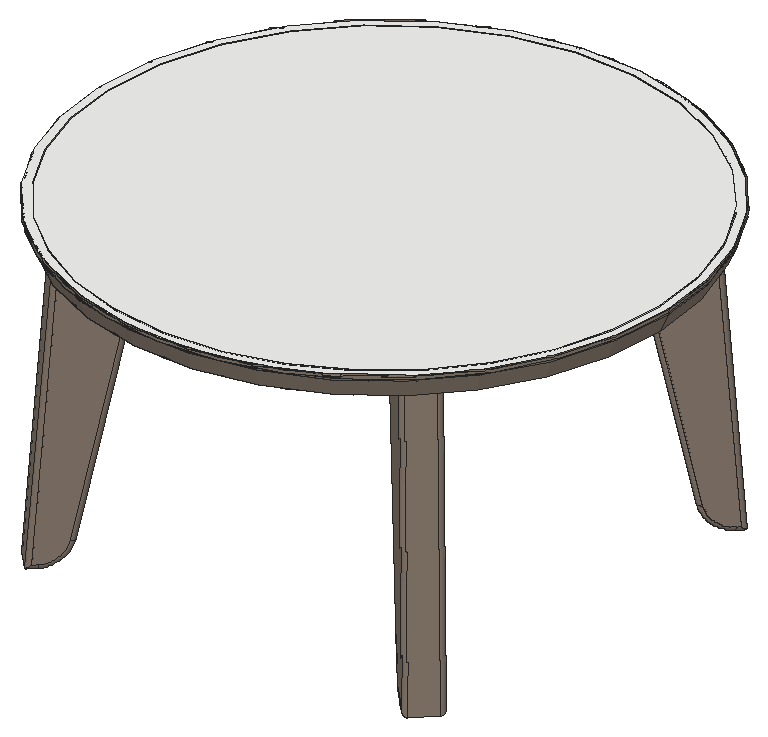
Revit family "Table-Casual-Naughtone-Dalby_DIA_Coffee2", category Furniture, Revit 2015
Parameters (values of type "650mmx650mmx350mm")
  _distributed by = "www.bimbox.co.uk"  # constant formula
  _current revision = "1"
  _created by = "BIMBox"  # constant formula
  _author = "BIMBox"  # constant formula
  _BIMspec_GUID = 0
  WarrantyStartDate [instance] = "<User Defined>"
  WarrantyGuarantorParts = "sales@naughtone.com"
  WarrantyGuarantorLabor = "sales@naughtone.com"
  WarrantyDurationUnit = "Years"
  WarrantyDurationParts = "5"
  WarrantyDurationLabor = "5"
  WarrantyDescription = "5 year warranty"
  Version = "1"
  Uniclass2015 = "40.50.21.14"
  URL = "http://www.naughtone.com/"
  TypeName = "Table-Casual-Naughtone-Dalby_DIA_Coffee"
  Type Comments = "650x650x350"
  TopRadius [instance] = ((NominalWidth / 2) - (EdgeOffset))  # 315 mm
  TagNumber = "0.000000"
  SustainabilityPerformance = "89.64% reusable content"
  Size = "650mmx650mmx350mm"
  Shape = "Circular"
  SerialNumber = "0.000000"
  ReplacementCost = "0.00"
  ProductInformation = "http://www.naughtone.com/wp-content/uploads/2015/05/Dalby-Brochure-FISP-2015.pdf?49171d"
  Product URL = "http://www.naughtone.com/portfolio-view/dalby"
  Option [instance] = if(HasReverseChamfer, "MFMDF with reverse chamfer", if(HasBandEdge, "MFMDF edge banded", "n/a"))  # "MFMDF with reverse chamfer"
  NominalWidth = 650 mm
  NominalLength = NominalWidth  # 650 mm
  NominalHeight = 350 mm  # constant formula
  Name = "650mmx650mmx350mm, Dalby Circular Coffee Table"
  NBSReference = "40.50.21.14"
  NBSDescription = "n/a"
  Mtrl_Top [instance] = Laminate-White-Smooth
  Mtrl_Frame [instance] = Wood-Oak-Satin_Frame
  Mtrl_EdgeTop [instance] = Wood-Oak-Matte_Top
  ModelReference = "Dalby Circular Coffee Table"
  ModelNumber = "DAL-650-DIA-LO"
  Model = "DAL-650-DIA-LO"
  Material = "MFMDF Top; Solid Oak Legs"
  ManufacturerAddressUK = "201 Pannal Business Park, Station Road, Harrogate, HG3 1JL"  # constant formula
  Manufacturer = "Naughtone"  # constant formula
  Keynote = "40.50.21.14"
  InstallationDate [instance] = "<User Defined>"
  HasReverseChamfer [instance] = yes
  HasBandEdge [instance] = not(HasReverseChamfer)  # no
  Grade = "n/a"
  Finish = "Polyster powder coat; various top finishes available"
  Features = "n/a"
  ExpectedLife = "15-20"
  EdgeOffset [instance] = if(HasReverseChamfer, 10 mm, 5 mm)  # 10 mm
  DurationUnit = "Years"
  Description = "Dalby Circular Coffee Table"
  CreatedOn = "2015.07.15"
  CreatedBy = "Naughtone"  # constant formula
  Cost = 0
  ContactTelephoneNumber = "+44 (0) 1423 816500"
  ContactEmailAddress = "sales@naughtone.com"
  Constituents = "Wood Top; Solid Oak frame"
  ComponentDescription = "The Dalby table will inject warmth and quality into an interior without raising any eyebrows. Dalby provides a practical, robust surface and maximised leg positions for clear, useable access all round the table."
  Color = "White"
  CodePerformance = "FISP Certified; ISO14001 Certified"
  Category = "40.50.21.14 : Coffee Tables"
  BarCode = "0.000000"
  BIMObjectName = "Table-Casual-Naughtone-Dalby_DIA_Coffee"
  AssetType = "Movable"
  AssetIdentifier = "DAL-650-DIA-LO"
  Assembly Code = "E2020"
  AdditionalMaterials = "Additional material and finish options available. Please contact Naughtone direct for further information."
  AccessibilityPerformance = "n/a"
Types (3, lengths in mm): name | Type Comments | TopRadius | NominalWidth | NominalLength | ModelNumber | Model | AssetIdentifier
  (no name) | "650x650x350" | 315 | 650 | 650 | "DAL-650-DIA-LO" | "DAL-650-DIA-LO" | "DAL-650-DIA-LO"
  650mmx650mmx350mm | "650x650x350" | 315 | 650 | 650 | "DAL-650-DIA-LO" | "DAL-650-DIA-LO" | "DAL-650-DIA-LO"
  850mmx850mmx350mm | "850x850x350" | 415 | 850 | 850 | "DAL-850-DIA-LO" | "DAL-850-DIA-LO" | "DAL-850-DIA-LO"
Reference planes
  plane 1 "Center (Front/Back)": y = 0
  plane 2: z = 0
  plane 3 "Center (Left/Right)": x = 0
  plane 4 "Left": x = -325
  plane 5 "Right": x = 325
  plane 6 "Rear": y = 325
  plane 7 "Front": y = -325
  plane 8 "Top": z = 350
  plane 9: x = -315
  plane 10: y = -315
  plane 11: y = 315
  plane 12: x = 315
  plane 13 "EdgeProfile": z = 325
  plane 14: y = -320
Forms (mm)
  Sweep 1, solid, material "Wood-Oak-Matte_Top" <- "Mtrl_EdgeTop", visible <- "HasReverseChamfer"
    path origin (0, 0, 325) x (-1, 0, 0) y (0, -1, 0)
      loop
        circle (0, 0) r 315
    profile origin (0, -315, 325) x (0, 1, 0) y (0, 0, 1)
      loop
        line (0, 25) -> (-9.5, 25)
        arc (-9.5, 25) -> (-9.854, 24.854) -> (-10, 24.5) r 0.5
        line (-10, 24.5) -> (-10, 21.379)
        arc (-10, 21.379) -> (-9.925, 20.513) -> (-9.701, 19.674) r 5
        line (-9.701, 19.674) -> (-1.167, 0) -> (0, 0) -> (0, 25)
  Sweep 2, solid, material "Wood-Oak-Matte_Top" <- "Mtrl_EdgeTop", visible <- "HasBandEdge"
    path origin (0, 0, 325) x (-1, 0, 0) y (0, -1, 0)
      loop
        circle (0, 0) r 315
    profile origin (0, -315, 325) x (0, 1, 0) y (0, 0, 1)
      loop
        line (-5, 20) -> (-5, 5)
        arc (-5, 5) -> (-3.536, 1.464) -> (0, 0) r 5
        line (0, 0) -> (0, 25)
        arc (0, 25) -> (-3.536, 23.536) -> (-5, 20) r 5
  Extrusion 3, solid, material "Laminate-White-Smooth" <- "Mtrl_Top"
    sketch origin (0, 0, 325) x (-1, 0, 0) y (0, -1, 0)
      loop
        circle (0, 0) r 315
    from 0 to 25
Dimensions and locks
  equal spacing: plane 4 "Left", plane 3 "Center (Left/Right)", plane 5 "Right"
  "NominalWidth": plane 4 "Left" to plane 5 "Right"
  equal spacing: plane 6 "Rear", plane 1 "Center (Front/Back)", plane 7 "Front"
  "NominalLength": plane 6 "Rear" to plane 7 "Front"
  "NominalHeight": plane 8 "Top" to level
  "EdgeOffset": plane 4 "Left" to plane 9
  "EdgeOffset": plane 12 to plane 5 "Right"
  "EdgeOffset": plane 6 "Rear" to plane 11
  "EdgeOffset": plane 10 to plane 7 "Front"
  locked: plane 8 "Top" to plane 13 "EdgeProfile" at 25
  locked: plane 14 to plane 10 at 5
  "TopRadius": radius of Extrusion 3 sketch curve
  "TopRadius": radius of Sweep 1 sketch curve
  "TopRadius": radius of Sweep 2 sketch curve
  aligned and locked: level to plane 2
  aligned and locked: plane 8 "Top" to Sweep 1 sketch curve
  aligned and locked: plane 13 "EdgeProfile" to Sweep 1 sketch curve
  aligned and locked: plane 10 to Sweep 2 sketch curve
  aligned and locked: plane 14 to Sweep 2 sketch curve
  aligned and locked: plane 8 "Top" to Extrusion 3
  aligned and locked: Extrusion 3 to plane 13 "EdgeProfile"
  aligned and locked: plane 1 "Center (Front/Back)" to Extrusion 3 sketch curve
  aligned and locked: plane 3 "Center (Left/Right)" to Extrusion 3 sketch curve
  aligned and locked: plane 1 "Center (Front/Back)" to Sweep 1 sketch curve
  aligned and locked: plane 3 "Center (Left/Right)" to Sweep 1 sketch curve
  aligned and locked: plane 3 "Center (Left/Right)" to Sweep 2 sketch curve
  aligned and locked: plane 1 "Center (Front/Back)" to Sweep 2 sketch curve
  aligned and locked: plane 3 "Center (Left/Right)" to nested 1
  aligned and locked: plane 1 "Center (Front/Back)" to nested 1
Automatic sketch dimensions
  Sweep 2 sketch curve to profile plane = 0 mm
  Sweep 2 sketch curve to plane 13 "EdgeProfile" = 0 mm
  Sweep 2 sketch curve to Sweep 2 sketch curve = 15 mm
  Sweep 2 sketch curve to Sweep 2 sketch curve = 0 mm
  Sweep 1 sketch curve to Sweep 1 sketch curve = 0.299 mm
  Sweep 1 sketch curve to Sweep 1 sketch curve = 0.5 mm
  Sweep 1 sketch curve to Sweep 1 sketch curve = 5 mm
  Sweep 1 sketch curve to Sweep 1 sketch curve = 4.826 mm
  profile plane to Sweep 1 sketch curve = 1.167 mm
  Sweep 1 sketch curve to profile plane = 0 mm
  profile plane to Sweep 1 sketch curve = 5 mm
Nested families
  nested 1: "Nested-Frame-Naughtone-Dalby_Low_Circular" at (0, 0, 0), Mtrl_Frame <- "Mtrl_Frame", NominalWidth <- "NominalWidth", type "Dalby Frame"
    with NominalWidth 650 mm, NominalLength 650 mm, Mtrl_Frame Wood-Oak-Satin_Frame, HasRectangularTop no, HasCircularTop yes, FrameWidth 486 mm, FrameLength 486 mm
Definition of nested family "Nested-Frame-Naughtone-Dalby_Low_Circular"
  Parameters (values of type "Dalby Frame")
    _distributed by = "www.bimbox.co.uk"  # constant formula
    _current revision = "1"
    _created by = "BIMBox"  # constant formula
    _author = "BIMBox"  # constant formula
    URL = "http://www.naughtone.com/"
    Type Comments = ""
    NominalWidth [instance] = 850 mm
    NominalLength [instance] = NominalWidth  # 850 mm
    NominalHeight = 350 mm  # constant formula
    Mtrl_Frame [instance] = none
    Model = "Dalby Frame"
    ManufacturerAddressUK = "201 Pannal Business Park, Station Road, Harrogate, HG3 1JL"  # constant formula
    Manufacturer = "Naughtone"  # constant formula
    Keynote = ""
    HasRectangularTop [instance] = 1 > 2  # no
    HasCircularTop [instance] = not(HasRectangularTop)  # yes
    FrameWidth [instance] = if(and(HasCircularTop, NominalWidth = 850 mm), NominalWidth - (110 mm * 2), if(and(HasCircularTop, NominalWidth = 650 mm), NominalWidth - (82 mm * 2), NominalWidth))  # 630 mm
    FrameLength [instance] = if(and(HasCircularTop, NominalLength = 850 mm), NominalLength - (110 mm * 2), if(and(HasCircularTop, NominalLength = 650 mm), NominalLength - (82 mm * 2), NominalLength))  # 630 mm
    Description = "Dalby Frame"
    Cost = 0
    ContactTelephoneNumber = "+44 (0) 1423 816500"
    ContactEmailAddress = "sales@naughtone.com"
    Assembly Code = "E2020"
  Reference planes
    plane 1 "Center (Front/Back)": y = 0
    plane 2: z = 0
    plane 3 "Center (Left/Right)": x = 0
    plane 4 "Left": x = -315
    plane 5 "Right": x = 315
    plane 6 "Rear": y = 315
    plane 7 "Front": y = -315
    plane 8 "Top": z = 350
    plane 9 "EdgeProfile": z = 325
    plane 10: z = 250
    plane 11: z = 255.321
    plane 12: z = 5
    plane 13: z = 255.321
    plane 14: z = 249.22
    plane 15: z = 212.454
    plane 16: z = 202.235
    plane 17: z = 32.847
    plane 18: z = 5
    plane 19: z = 40
    plane 20: x = 300.858
    plane 21: y = -300.858
    plane 22: x = 212.47
    plane 23: x = 240.754
    plane 24: y = -212.47
    plane 25: y = -240.754
    plane 26: y = -226.612
    plane 27: x = 226.612
    plane 28: through (462.47, 9.246, 1200) normal (-0.7071, 0.7071, 0)
    plane 29: through (536.716, -65, 1200) normal (-0.7071, 0.7071, 0)
    plane 30: through (446.795, -147.845, 5) normal (0.7071, -0.7071, 0)
    plane 31: through (429.017, -130.066, 725) normal (-0.7071, 0.7071, 0)
    plane 32: through (442.518, -143.567, 35) normal (-0.7071, 0.7071, 0)
    plane 33: z = 35
    plane 34: z = 32.867
    plane 35: through (391.333, -92.382, 628.573) normal (-0.7071, 0.7071, 0)
    plane 36: z = 228.573
    plane 37: z = 254.63
    plane 38: through (370.173, -71.223, 626.44) normal (-0.7071, 0.7071, 0)
    plane 39: z = 226.44
    plane 40: through (377.429, -78.478, 654.63) normal (-0.7071, 0.7071, 0)
    plane 41: through (421.358, -122.407, 32.867) normal (-0.7071, 0.7071, 0)
    plane 42: y = 300.858
    plane 43: y = 212.47
    plane 44: y = 240.754
    plane 45: y = 226.612
    plane 46: through (462.47, -9.246, 1200) normal (0.7071, 0.7071, 0)
    plane 47: through (536.716, 65, 1200) normal (0.7071, 0.7071, 0)
    plane 48: through (446.795, 147.845, 5) normal (-0.7071, -0.7071, 0)
    plane 49: through (429.017, 130.066, 725) normal (0.7071, 0.7071, 0)
    plane 50: through (442.518, 143.567, 35) normal (0.7071, 0.7071, 0)
    plane 51: through (391.333, 92.382, 628.573) normal (0.7071, 0.7071, 0)
    plane 52: through (370.173, 71.223, 626.44) normal (0.7071, 0.7071, 0)
    plane 53: through (377.429, 78.478, 654.63) normal (0.7071, 0.7071, 0)
    plane 54: through (421.358, 122.407, 32.867) normal (0.7071, 0.7071, 0)
    plane 55: x = -300.858
    plane 56: x = -212.47
    plane 57: x = -240.754
    plane 58: x = -226.612
    plane 59: through (-462.47, 9.246, 1200) normal (-0.7071, -0.7071, 0)
    plane 60: through (-536.716, -65, 1200) normal (-0.7071, -0.7071, 0)
    plane 61: through (-446.795, -147.845, 5) normal (0.7071, 0.7071, 0)
    plane 62: through (-429.017, -130.066, 725) normal (-0.7071, -0.7071, 0)
    plane 63: through (-442.518, -143.567, 35) normal (-0.7071, -0.7071, 0)
    plane 64: through (-391.333, -92.382, 628.573) normal (-0.7071, -0.7071, 0)
    plane 65: through (-370.173, -71.223, 626.44) normal (-0.7071, -0.7071, 0)
    plane 66: through (-377.429, -78.478, 654.63) normal (-0.7071, -0.7071, 0)
    plane 67: through (-421.358, -122.407, 32.867) normal (-0.7071, -0.7071, 0)
    plane 68: z = 5
    plane 69: z = 35
    plane 70: z = 32.867
    plane 71: z = 228.573
    plane 72: z = 254.63
    plane 73: z = 226.44
    plane 74: through (-462.47, -9.246, 1200) normal (0.7071, -0.7071, 0)
    plane 75: through (-536.716, 65, 1200) normal (0.7071, -0.7071, 0)
    plane 76: through (-446.795, 147.845, 5) normal (-0.7071, 0.7071, 0)
    plane 77: through (-429.017, 130.066, 725) normal (0.7071, -0.7071, 0)
    plane 78: through (-442.518, 143.567, 35) normal (0.7071, -0.7071, 0)
    plane 79: through (-391.333, 92.382, 628.573) normal (0.7071, -0.7071, 0)
    plane 80: through (-370.173, 71.223, 626.44) normal (0.7071, -0.7071, 0)
    plane 81: through (-377.429, 78.478, 654.63) normal (0.7071, -0.7071, 0)
    plane 82: through (-421.358, 122.407, 32.867) normal (0.7071, -0.7071, 0)
    plane 83: y = -280.754
    plane 84: x = -280.754
    plane 85: y = 280.754
    plane 86: x = 280.754
  Forms (mm)
    Sweep 1, solid, material <- "Mtrl_Frame"
      path origin (300.858, -300.858, 0) x (-0.707107, 0.707107, 0) y (0, 0, 1)
        loop
          line (30.146, 325) -> (5.003, 5) -> (11.046, 5)
          arc (11.046, 5) -> (31.259, 12.831) -> (40.919, 32.237) r 30
          line (40.919, 32.237) -> (105, 325)
      profile origin (295.184, -295.184, 5) x (0, 0, 1) y (0.707107, 0.707107, 0)
        loop
          arc (0, 20) -> (-3.536, 18.536) -> (-5, 15) r 5
          line (-5, 15) -> (-5, -15)
          arc (-5, -15) -> (-3.536, -18.536) -> (0, -20) r 5
          line (0, -20) -> (0, 20)
    Sweep 2, solid, material <- "Mtrl_Frame"
      path origin (300.858, 300.858, 0) x (-0.707107, -0.707107, 0) y (0, 0, 1)
        loop
          line (30.146, 325) -> (5.003, 5) -> (10.732, 5)
          arc (10.732, 5) -> (29.538, 11.626) -> (40.037, 28.578) r 30
          line (40.037, 28.578) -> (105, 325)
      profile origin (295.295, 295.295, 5) x (0, 0, 1) y (-0.707107, 0.707107, 0)
        loop
          line (0, -20) -> (0, 20)
          arc (0, 20) -> (-3.536, 18.536) -> (-5, 15) r 5
          line (-5, 15) -> (-5, -15)
          arc (-5, -15) -> (-3.536, -18.536) -> (0, -20) r 5
    Sweep 3, solid, material <- "Mtrl_Frame"
      path origin (-300.858, -300.858, 0) x (0.707107, 0.707107, 0) y (0, 0, 1)
        loop
          line (30.146, 325) -> (5.003, 5) -> (10.732, 5)
          arc (10.732, 5) -> (29.538, 11.626) -> (40.037, 28.578) r 30
          line (40.037, 28.578) -> (105, 325)
      profile origin (-295.295, -295.295, 5) x (0, 0, 1) y (0.707107, -0.707107, 0)
        loop
          line (0, -20) -> (0, 20)
          arc (0, 20) -> (-3.536, 18.536) -> (-5, 15) r 5
          line (-5, 15) -> (-5, -15)
          arc (-5, -15) -> (-3.536, -18.536) -> (0, -20) r 5
    Sweep 4, solid, material <- "Mtrl_Frame"
      path origin (-300.858, 300.858, 0) x (0.707107, -0.707107, 0) y (0, 0, 1)
        loop
          line (30.146, 325) -> (5.003, 5) -> (10.732, 5)
          arc (10.732, 5) -> (29.538, 11.626) -> (40.037, 28.578) r 30
          line (40.037, 28.578) -> (105, 325)
      profile origin (-295.295, 295.295, 5) x (0, 0, 1) y (-0.707107, -0.707107, 0)
        loop
          arc (0, 20) -> (-3.536, 18.536) -> (-5, 15) r 5
          line (-5, 15) -> (-5, -15)
          arc (-5, -15) -> (-3.536, -18.536) -> (0, -20) r 5
          line (0, -20) -> (0, 20)
    Extrusion 5, solid, material <- "Mtrl_Frame"
      sketch origin (300.858, -300.858, 0) x (-0.707107, 0.707107, 0) y (0, 0, 1)
        loop
          line (105, 325) -> (30.146, 325) -> (5.003, 5) -> (11.046, 5)
          arc (11.046, 5) -> (31.259, 12.831) -> (40.919, 32.237) r 30
          line (40.919, 32.237) -> (105, 325)
      from -20 to 20
    Extrusion 6, solid, material <- "Mtrl_Frame"
      sketch origin (300.858, 300.858, 0) x (-0.707107, -0.707107, 0) y (0, 0, 1)
        loop
          line (30.146, 325) -> (5.003, 5) -> (10.732, 5)
          arc (10.732, 5) -> (29.538, 11.626) -> (40.037, 28.578) r 30
          line (40.037, 28.578) -> (105, 325) -> (30.146, 325)
      from -20 to 20
    Extrusion 7, solid, material <- "Mtrl_Frame"
      sketch origin (-300.858, -300.858, 0) x (0.707107, 0.707107, 0) y (0, 0, 1)
        loop
          line (30.146, 325) -> (5.003, 5) -> (10.732, 5)
          arc (10.732, 5) -> (29.538, 11.626) -> (40.037, 28.578) r 30
          line (40.037, 28.578) -> (105, 325) -> (30.146, 325)
      from -20 to 20
    Extrusion 8, solid, material <- "Mtrl_Frame"
      sketch origin (-300.858, 300.858, 0) x (0.707107, -0.707107, 0) y (0, 0, 1)
        loop
          line (105, 325) -> (30.146, 325) -> (5.003, 5) -> (10.732, 5)
          arc (10.732, 5) -> (29.538, 11.626) -> (40.037, 28.578) r 30
          line (40.037, 28.578) -> (105, 325)
      from -20 to 20
  Cuts and joins
    joined: Sweep 1, Extrusion 5
    joined: Sweep 2, Extrusion 6
    joined: Sweep 3, Extrusion 7
    joined: Sweep 4, Extrusion 8
  Lines and regions (mm)
    reference lines
      curve 1: line (300.858, -300.858, 0) -> (226.612, -226.612, 0)
      curve 2: line (300.858, 300.858, 0) -> (226.612, 226.612, 0)
      curve 3: line (-300.858, -300.858, 0) -> (-226.612, -226.612, 0)
      curve 4: line (-300.858, 300.858, 0) -> (-226.612, 226.612, 0)
  Dimensions and locks
    equal spacing: plane 4 "Left", plane 3 "Center (Left/Right)", plane 5 "Right"
    "FrameWidth": plane 4 "Left" to plane 5 "Right"
    equal spacing: plane 6 "Rear", plane 1 "Center (Front/Back)", plane 7 "Front"
    "FrameLength": plane 6 "Rear" to plane 7 "Front"
    "NominalHeight": plane 8 "Top" to level
    locked: plane 8 "Top" to plane 9 "EdgeProfile" at 25
    locked: plane 9 "EdgeProfile" to plane 10 at 75
    locked: plane 11 to plane 10 at 5.321
    locked: plane 12 to level at 5
    locked: plane 13 to plane 10 at 5.321
    locked: plane 10 to plane 14 at 0.78
    locked: plane 10 to plane 15 at 37.546
    locked: plane 10 to plane 16 at 47.765
    locked: plane 18 to level at 5
    locked: plane 17 to level at 32.847
    locked: plane 19 to level at 40
    locked: plane 20 to plane 5 "Right" at 14.142
    locked: plane 21 to plane 7 "Front" at 14.142
    locked: plane 7 "Front" to plane 24 at 102.53
    locked: plane 26 to plane 7 "Front" at 88.388
    locked: plane 7 "Front" to plane 25 at 74.246
    locked: plane 23 to plane 5 "Right" at 74.246
    locked: plane 27 to plane 5 "Right" at 88.388
    locked: plane 22 to plane 5 "Right" at 102.53
    locked: plane 30 to plane 29 at 5.003
    locked: plane 28 to plane 31 at 74.854
    locked: plane 28 to plane 40 at 1.897
    locked: plane 28 to plane 35 at 21.561
    locked: plane 38 to plane 28 at 8.363
    locked: plane 36 to plane 10 at 21.427
    locked: plane 10 to plane 39 at 23.56
    locked: plane 10 to plane 37 at 4.63
    locked: plane 32 to plane 29 at 11.053
    locked: plane 41 to plane 29 at 40.977
    locked: level to plane 34 at 32.867
    locked: plane 33 to level at 35
    locked: plane 42 to plane 6 "Rear" at 14.142
    locked: plane 6 "Rear" to plane 43 at 102.53
    locked: plane 45 to plane 6 "Rear" at 88.388
    locked: plane 6 "Rear" to plane 44 at 74.246
    locked: plane 48 to plane 47 at 5.003
    locked: plane 46 to plane 49 at 74.854
    locked: plane 46 to plane 53 at 1.897
    locked: plane 46 to plane 51 at 21.561
    locked: plane 52 to plane 46 at 8.363
    locked: plane 50 to plane 47 at 11.053
    locked: plane 54 to plane 47 at 40.977
    locked: plane 55 to plane 4 "Left" at 14.142
    locked: plane 57 to plane 4 "Left" at 74.246
    locked: plane 58 to plane 4 "Left" at 88.388
    locked: plane 56 to plane 4 "Left" at 102.53
    locked: plane 61 to plane 60 at 5.003
    locked: plane 59 to plane 62 at 74.854
    locked: plane 59 to plane 66 at 1.897
    locked: plane 59 to plane 64 at 21.561
    locked: plane 65 to plane 59 at 8.363
    locked: plane 63 to plane 60 at 11.053
    locked: plane 67 to plane 60 at 40.977
    locked: plane 68 to level at 5
    locked: plane 71 to plane 10 at 21.427
    locked: plane 10 to plane 73 at 23.56
    locked: plane 10 to plane 72 at 4.63
    locked: level to plane 70 at 32.867
    locked: plane 69 to level at 35
    plane 42 to plane 6 "Rear" = 14.142 mm
    plane 6 "Rear" to plane 43 = 102.53 mm
    plane 45 to plane 6 "Rear" = 88.388 mm
    plane 6 "Rear" to plane 44 = 74.246 mm
    locked: plane 76 to plane 75 at 5.003
    locked: plane 74 to plane 77 at 74.854
    locked: plane 74 to plane 81 at 1.897
    locked: plane 74 to plane 79 at 21.561
    locked: plane 80 to plane 74 at 8.363
    locked: plane 78 to plane 75 at 11.053
    locked: plane 82 to plane 75 at 40.977
    locked: plane 83 to plane 25 at 40
    locked: plane 84 to plane 57 at 40
    locked: plane 85 to plane 44 at 40
    locked: plane 23 to plane 86 at 40
    locked: plane 28 to plane 24 (angle 135.00°)
    locked: plane 29 to plane 20 (angle 45.00°)
    locked: plane 21 to plane 29 (angle 45.00°)
    locked: plane 43 to plane 46 (angle 135.00°)
    locked: plane 47 to plane 42 (angle 45.00°)
    locked: plane 20 to plane 47 (angle 45.00°)
    locked: plane 24 to plane 59 (angle 135.00°)
    locked: plane 55 to plane 60 (angle 45.00°)
    locked: plane 60 to plane 21 (angle 45.00°)
    locked: plane 74 to plane 43 (angle 135.00°)
    locked: plane 42 to plane 75 (angle 45.00°)
    locked: plane 75 to plane 55 (angle 45.00°)
    aligned and locked: level to plane 2
    aligned and locked: plane 26 to curve 1
    aligned and locked: plane 20 to curve 1
    aligned and locked: plane 21 to curve 1
    aligned and locked: plane 28 to curve 1
    aligned and locked: plane 9 "EdgeProfile" to Sweep 1 sketch curve  (x2)
    aligned and locked: plane 31 to Sweep 1 sketch curve
    aligned and locked: plane 12 to Sweep 1 sketch curve
    aligned and locked: plane 30 to Sweep 1 sketch curve
    aligned and locked: curve 2 to plane 45
    aligned and locked: curve 2 to plane 42
    aligned and locked: plane 46 to curve 2
    aligned and locked: plane 49 to Sweep 2 sketch curve
    aligned and locked: plane 48 to Sweep 2 sketch curve
    aligned and locked: plane 9 "EdgeProfile" to Sweep 2 sketch curve  (x2)
    aligned and locked: Sweep 2 sketch curve to plane 12
    aligned and locked: curve 3 to plane 55
    aligned and locked: curve 3 to plane 21
    aligned and locked: plane 59 to curve 3
    aligned and locked: plane 62 to Sweep 3 sketch curve
    aligned and locked: plane 61 to Sweep 3 sketch curve
    aligned and locked: plane 9 "EdgeProfile" to Sweep 3 sketch curve  (x2)
    aligned and locked: plane 68 to Sweep 3 sketch curve
    aligned and locked: plane 45 to curve 4
    aligned and locked: plane 42 to curve 4
    aligned and locked: plane 74 to curve 4
    aligned and locked: plane 77 to Sweep 4 sketch curve
    aligned and locked: plane 76 to Sweep 4 sketch curve
    aligned and locked: plane 9 "EdgeProfile" to Sweep 4 sketch curve  (x2)
    aligned and locked: plane 68 to Sweep 4 sketch curve
    aligned and locked: plane 28 to Sweep 1 sketch curve
    aligned and locked: plane 46 to Sweep 2 sketch curve
    aligned and locked: plane 59 to Sweep 3 sketch curve
    aligned and locked: plane 74 to Sweep 4 sketch curve
    aligned and locked: plane 9 "EdgeProfile" to Extrusion 5 sketch curve
    aligned and locked: Extrusion 5 sketch curve to Sweep 1  (x3)
    aligned and locked: Extrusion 6 sketch curve to plane 9 "EdgeProfile"
    aligned and locked: Extrusion 6 sketch curve to Sweep 2  (x3)
    aligned and locked: Extrusion 7 sketch curve to plane 9 "EdgeProfile"
    aligned and locked: Extrusion 7 sketch curve to Sweep 3  (x3)
    aligned and locked: plane 9 "EdgeProfile" to Extrusion 8 sketch curve
    aligned and locked: Extrusion 8 sketch curve to Sweep 4  (x3)
  Automatic sketch dimensions
    curve 4 to plane 55 = 0 mm
    curve 3 to plane 26 = 0 mm
    curve 2 to plane 20 = 0 mm
    Sweep 1 sketch curve to profile plane = 0 mm
    profile plane to Sweep 1 sketch curve = 5 mm
    Sweep 1 sketch curve to profile plane = 20 mm
    profile plane to Sweep 1 sketch curve = 15 mm
    profile plane to Sweep 2 sketch curve = 0 mm
    profile plane to Sweep 2 sketch curve = 5 mm
    Sweep 2 sketch curve to profile plane = 20 mm
    profile plane to Sweep 2 sketch curve = 15 mm
    Sweep 3 sketch curve to profile plane = 0 mm
    profile plane to Sweep 3 sketch curve = 5 mm
    Sweep 3 sketch curve to profile plane = 20 mm
    profile plane to Sweep 3 sketch curve = 15 mm
    profile plane to Sweep 4 sketch curve = 0 mm
    profile plane to Sweep 4 sketch curve = 5 mm
    Sweep 4 sketch curve to profile plane = 20 mm
    profile plane to Sweep 4 sketch curve = 15 mm
    curve 1 to Sweep 1 sketch curve = 11.046 mm
    curve 1 to Sweep 1 sketch curve = 35 mm
    Sweep 1 sketch curve to Sweep 1 sketch curve = 29.872 mm
    curve 2 to Sweep 2 sketch curve = 10.732 mm
    Sweep 2 sketch curve to Sweep 2 sketch curve = 29.305 mm
    Sweep 2 sketch curve to curve 2 = 28.578 mm
    curve 3 to Sweep 3 sketch curve = 10.732 mm
    Sweep 3 sketch curve to Sweep 3 sketch curve = 29.305 mm
    Sweep 3 sketch curve to curve 3 = 28.578 mm
    Sweep 4 sketch curve to Sweep 4 sketch curve = 5.729 mm
    Sweep 4 sketch curve to Sweep 4 sketch curve = 29.305 mm
    Sweep 4 sketch curve to curve 4 = 28.578 mm
    Extrusion 6 sketch curve to curve 2 = 28.578 mm
    Extrusion 7 sketch curve to curve 3 = 28.578 mm
    Extrusion 8 sketch curve to curve 4 = 28.578 mm
